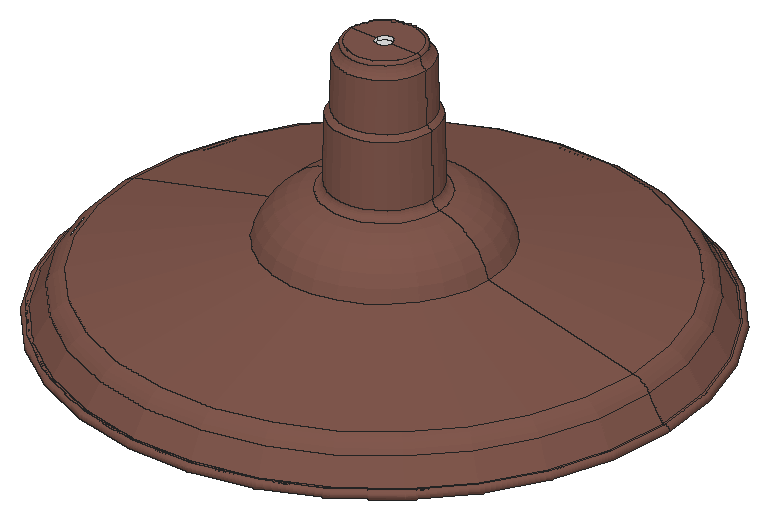
Revit family "S318 SHADE", category Lighting Fixtures, Revit 2024
Family settings
  Round Connector Dimension = Use Diameter
  Part Type = Normal
  OmniClass Number = 23.80.70.00
  OmniClass Title = Lighting
  Work Plane-Based = No
  Always vertical = Yes
  Cut with Voids When Loaded = No
  Light Source = No
  Maintain Annotation Orientation = No
  Shared = No
  Room Calculation Point = No
Parameters
  Default Elevation = 0' - 0"
Reference planes (in)
  plane 1 "Light Source Axis (F/B)": y = 0
  plane 2: z = 0
  plane 3 "Light Source Axis (L/R)": x = 0
  plane 4 "Light Source Elevation": z = 54
Forms (in)
  Revolve 1, solid
    sketch origin (0, 0, 0) x (1, 0, 0) y (0, 0, 1)
      loop
        arc (-1.02697, 62.10229) -> (-1.09032, 62.07966) -> (-1.125, 62.02202) r 0.1
        arc (-1.125, 62.02202) -> (-1.19147, 61.84678) -> (-1.31083, 61.70229) r 0.57412
        line (-1.31083, 61.70229) -> (-1.33701, 60.20229) -> (-1.48701, 60.05229) -> (-1.52017, 58.14922)
        arc (-1.52017, 58.14922) -> (-1.58572, 57.98466) -> (-1.74386, 57.90484) r 0.25
        arc (-1.74386, 57.90484) -> (-2.74245, 57.44007) -> (-3.32017, 56.50229) r 1.91611
        arc (-3.32017, 56.50229) -> (-5.63126, 56.08012) -> (-7.89545, 55.45339) r 26.29871
        arc (-7.89545, 55.45339) -> (-8.17242, 55.28638) -> (-8.3816, 55.03969) r 1
        line (-8.3816, 55.03969) -> (-8.79447, 54.35229) -> (-8.875, 54.35229)
        arc (-8.875, 54.35229) -> (-8.95777, 54.13362) -> (-8.75095, 54.24266) r 0.125
        line (-8.75095, 54.24266) -> (-8.30123, 54.99142)
        arc (-8.30123, 54.99142) -> (-8.1128, 55.21401) -> (-7.86344, 55.36522) r 0.90625
        arc (-7.86344, 55.36522) -> (-5.57783, 55.99617) -> (-3.24455, 56.41794) r 26.20496
        arc (-3.24455, 56.41794) -> (-2.70374, 57.34866) -> (-1.73203, 57.81182) r 1.82236
        arc (-1.73203, 57.81182) -> (-1.51591, 57.92208) -> (-1.42644, 58.1476) r 0.34375
        line (-1.42644, 58.1476) -> (-1.39394, 60.01278) -> (-1.24394, 60.16278) -> (-1.21779, 61.66082)
        arc (-1.21779, 61.66082) -> (-1.09871, 61.82067) -> (-1.0321, 62.00854) r 0.66787
        line (-1.0321, 62.00854) -> (-0.25, 62.00854) -> (-0.25, 62.10229) -> (-1.02697, 62.10229)
      axis (0, 62.10229) -> (0, 54.24266)
    angle from 0 to 360
Dimensions and locks (in)
  aligned and locked: level to plane 2
